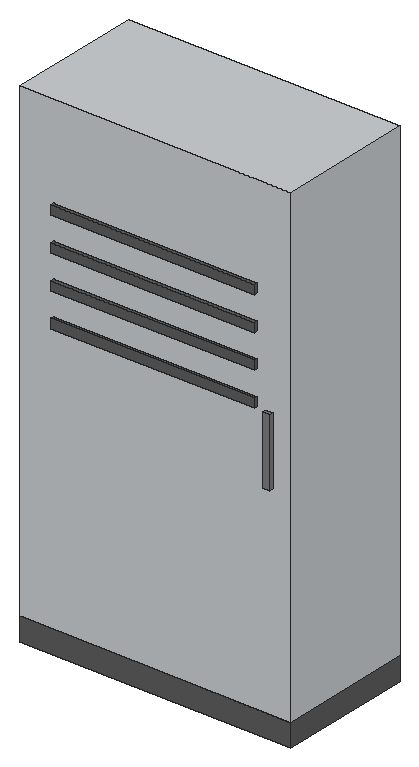
Revit family "EQ_MCC Section", category Electrical Equipment, Revit 2025
Family settings
  Panel Configuration = Two Columns, Circuits Across
  Round Connector Dimension = Use Diameter
  Part Type = Panelboard
  OmniClass Number = 23.80.30.11.17
  OmniClass Title = Distribution Boards and Control Panels
  Work Plane-Based = No
  Always vertical = Yes
  Cut with Voids When Loaded = No
  Maintain Annotation Orientation = No
  Shared = No
  Room Calculation Point = No
Parameters (values of type "MCC Section 400V")
  Width = 1200 mm
  built-in parameter 1140142 [instance] = -1
  built-in parameter 1140140 [instance] = 1 (stored number, unit not read)
  Height = 2200 mm
  Form = "Form 4b, withdrawable buckets"
  built-in parameter 1155100 [instance] = -1
  EL Voltage [instance] = 400 V
  EL Number of Poles [instance] = 3
  Depth = 600 mm
  Default Elevation = 0 mm
Reference planes
  plane 1 "Center (Front/Back)": y = 0
  plane 2: z = 0
  plane 3 "Center (Left/Right)": x = 0
  plane 4 "Front": y = -300
  plane 5 "Back": y = 300
  plane 6 "Top": z = 2200
  plane 7 "Left": x = -600
  plane 8 "Right": x = 600
Forms (mm)
  Extrusion 1, solid, material "Plinth Black"
    sketch origin (0, 0, 0) x (1, 0, 0) y (0, 1, 0)
      loop
        line (-600, -300) -> (600, -300) -> (600, 300) -> (-600, 300) -> (-600, -300)
    from 0 to 100
  Extrusion 2, solid, material "MCC Grey"
    sketch origin (0, 0, 100) x (1, 0, 0) y (0, 1, 0)
      loop
        line (-600, -300) -> (600, -300) -> (600, 300) -> (-600, 300) -> (-600, -300)
    from 0 to 2100
  Extrusion 3, solid, material "Handle Grey"
    sketch origin (0, 0, 1000) x (1, 0, 0) y (0, 1, 0)
      loop
        line (490, -320) -> (520, -320) -> (520, -300) -> (490, -300) -> (490, -320)
    from 0 to 300
  Extrusion 4, solid, material "Plinth Black"
    sketch origin (0, 0, 1300) x (1, 0, 0) y (0, 1, 0)
      loop
        line (-450, -315) -> (450, -315) -> (450, -300) -> (-450, -300) -> (-450, -315)
    from 0 to 40
  Extrusion 5, solid, material "Plinth Black"
    sketch origin (0, 0, 1450) x (1, 0, 0) y (0, 1, 0)
      loop
        line (-450, -315) -> (450, -315) -> (450, -300) -> (-450, -300) -> (-450, -315)
    from 0 to 40
  Extrusion 6, solid, material "Plinth Black"
    sketch origin (0, 0, 1600) x (1, 0, 0) y (0, 1, 0)
      loop
        line (-450, -315) -> (450, -315) -> (450, -300) -> (-450, -300) -> (-450, -315)
    from 0 to 40
  Extrusion 7, solid, material "Plinth Black"
    sketch origin (0, 0, 1750) x (1, 0, 0) y (0, 1, 0)
      loop
        line (-450, -315) -> (450, -315) -> (450, -300) -> (-450, -300) -> (-450, -315)
    from 0 to 40
Dimensions and locks
  equal spacing: plane 4 "Front", plane 1 "Center (Front/Back)", plane 5 "Back"
  "Depth": plane 4 "Front" to plane 5 "Back"
  "Height": level to plane 6 "Top"
  equal spacing: plane 7 "Left", plane 3 "Center (Left/Right)", plane 8 "Right"
  "Width": plane 7 "Left" to plane 8 "Right"
  aligned and locked: level to plane 2
  aligned and locked: Extrusion 1 to level
  aligned and locked: Extrusion 1 to plane 8 "Right"
  aligned and locked: plane 5 "Back" to Extrusion 1
  aligned and locked: plane 7 "Left" to Extrusion 1
  aligned and locked: Extrusion 1 to plane 4 "Front"
  aligned and locked: Extrusion 2 to plane 6 "Top"
  aligned and locked: Extrusion 2 to plane 8 "Right"
  aligned and locked: plane 5 "Back" to Extrusion 2
  aligned and locked: plane 7 "Left" to Extrusion 2
  aligned and locked: Extrusion 2 to plane 4 "Front"
  aligned and locked: plane 4 "Front" to Extrusion 3
  aligned and locked: plane 4 "Front" to Extrusion 4
  aligned and locked: plane 4 "Front" to Extrusion 5
  aligned and locked: plane 4 "Front" to Extrusion 6
  aligned and locked: plane 4 "Front" to Extrusion 7
Automatic sketch dimensions
  Extrusion 1 sketch curve to plane 4 "Front" = 0 mm
  Extrusion 1 sketch curve to plane 7 "Left" = 0 mm
  Extrusion 1 sketch curve to plane 5 "Back" = 0 mm
  Extrusion 1 sketch curve to plane 8 "Right" = 0 mm
  Extrusion 2 sketch curve to plane 4 "Front" = 0 mm
  Extrusion 2 sketch curve to plane 7 "Left" = 0 mm
  Extrusion 2 sketch curve to plane 5 "Back" = 0 mm
  Extrusion 2 sketch curve to plane 8 "Right" = 0 mm
  Extrusion 3 sketch curve to plane 4 "Front" = 0 mm
  Extrusion 3 sketch curve to plane 4 "Front" = 20 mm
  plane 8 "Right" to Extrusion 3 sketch curve = 110 mm
  Extrusion 3 sketch curve to Extrusion 3 sketch curve = 30 mm
  Extrusion 4 sketch curve to plane 4 "Front" = 0 mm
  Extrusion 4 sketch curve to plane 4 "Front" = 15 mm
  Extrusion 4 sketch curve to plane 7 "Left" = 150 mm
  plane 8 "Right" to Extrusion 4 sketch curve = 150 mm
  Extrusion 5 sketch curve to plane 4 "Front" = 0 mm
  Extrusion 5 sketch curve to plane 4 "Front" = 15 mm
  Extrusion 5 sketch curve to plane 7 "Left" = 150 mm
  plane 8 "Right" to Extrusion 5 sketch curve = 150 mm
  Extrusion 6 sketch curve to plane 4 "Front" = 0 mm
  Extrusion 6 sketch curve to plane 4 "Front" = 15 mm
  Extrusion 6 sketch curve to plane 7 "Left" = 150 mm
  plane 8 "Right" to Extrusion 6 sketch curve = 150 mm
  Extrusion 7 sketch curve to plane 4 "Front" = 0 mm
  Extrusion 7 sketch curve to plane 4 "Front" = 15 mm
  Extrusion 7 sketch curve to plane 7 "Left" = 150 mm
  plane 8 "Right" to Extrusion 7 sketch curve = 150 mm
Connectors
  electrical at (0, 0, 2200), driven by "EL Voltage", driven by "EL Number of Poles"
    settings: on Extrusion 2, index 1, voltage 400 V, apparent load 0 VA, apparent load phase1 0 VA, apparent load phase2 0 VA, apparent load phase3 0 VA, power factor 1, load classification "Other", number of poles 3, system type 30, power factor state 1, is connector primary yes, connector utility no, sub classification motor no, connector description ""
